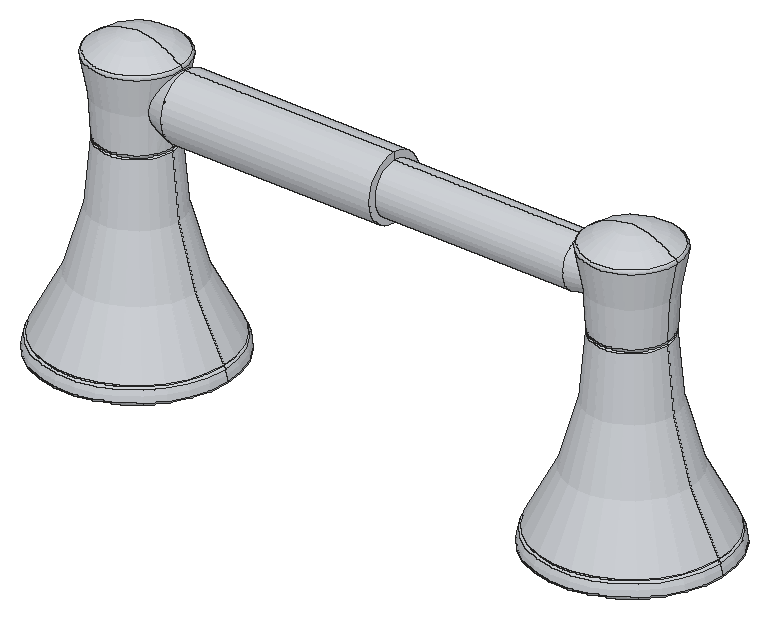
Revit family "Accessory-Tissue_Holder-KOHLER-Coralais-K-13434", category Generic Models, host Face, Revit 2015
Parameters (values of type "CP-Polished Chrome")
  Width = 2 1/4"  # constant formula
  URL = "http://www.us.kohler.com/us/"
  Type = 1
  Product Page URL = "http://www.us.kohler.com/us/catalog/productDetails.jsp?productNumber=13434"
  Product Name = "Coralais"  # constant formula
  Product Documentation Link = "http://www.us.kohler.com/onlinecatalog/pdf/K-13434_spec.pdf"
  Outlet Connector = "Outlet Connection"  # constant formula
  Model = if(Type = 1, "K-13434-CP", if(Type = 2, "K-13434-G", if(Type = 3, "K-13434-BN", "")))  # "K-13434-CP"
  Material = "Premium Metal"  # constant formula
  MasterFormat 2004 = "10.28.13"  # constant formula
  MasterFormat 1995 = "10820"  # constant formula
  Manufacturer Address = "444 Highland Drive, Kohler, WI 53044"  # constant formula
  Manufacturer = "Kohler"  # constant formula
  Length = 8 1/2"  # constant formula
  Inlet Connector = "Inlet Connection"  # constant formula
  Height = 3 5/8"  # constant formula
  Finish = Kohler-Metal-CP-Polished_Chrome
  Description = "Coralais Toilet Tissue Holder"  # constant formula
  Default Elevation = 42"
  Date Modified = "09/11/2017"  # constant formula
  Date Created = "09/11/2017"  # constant formula
  Copyright = "Copyright by Kohler Co."  # constant formula
  Contact Us = "https://www.us.kohler.com/us/static/contact.jsp"
  Assembly Code = "C1030200"
  ADA Compliant = yes
Types (4): name | Type | Model | Finish
  (no name) | 1 | "K-13434-CP" | Kohler-Metal-CP-Polished_Chrome
  CP-Polished Chrome | 1 | "K-13434-CP" | Kohler-Metal-CP-Polished_Chrome
  G-Brushed Chrome | 2 | "K-13434-G" | Kohler-Metal-G-Brushed_Chrome
  BN-Vibrant Brushed Nickel | 3 | "K-13434-BN" | Kohler-Metal-BN-Vibrant_Brushed_Nickel
Reference planes (in)
  plane 1 "Center (Front/Back)": y = 0
  plane 2: z = 0
  plane 3 "Center (Left/Right)": x = 0
  plane 4: y = 1.125
  plane 5: y = -1.125
  plane 6: x = -4.25
  plane 7: x = 4.25
  plane 8: z = 3.625
Dimensions and locks (in)
  "Width": plane 4 to plane 5
  equal spacing: plane 4, plane 1 "Center (Front/Back)", plane 5
  equal spacing: plane 6, plane 3 "Center (Left/Right)", plane 7
  "Length": plane 6 to plane 7
  "Height": plane 8 to level
  aligned and locked: plane 2 to host face
  aligned and locked: level to host face
Automatic sketch dimensions
  host sketch curve to host sketch curve = 96"  (x2)
Nested families (in)
  nested 1: "K-13434" at (0, 0, 0), type "K-13434"
Definition of nested family "K-13434"
  Parameters (values of type "K-13434")
    Material = none
    Half Distance = Center Distance / 2  # 3 1/8"
    Center Distance = 6 1/4"
  Reference planes (in)
    plane 1 "Center (Front/Back)": y = 0
    plane 2: z = 0
    plane 3 "Center (Left/Right)": x = 0
  Forms (in)
    Revolve 1, solid, material <- "Material"
      sketch origin (0, 0, 0) x (1, 0, 0) y (0, 0, 1)
        loop
          line (-3.125, 0) -> (-3.125, 3.59968)
          arc (-3.125, 3.59968) -> (-3.41793, 3.53546) -> (-3.67801, 3.38616) r 0.98617
          arc (-3.67801, 3.38616) -> (-3.69186, 3.36635) -> (-3.69274, 3.3422) r 0.0427
          arc (-3.69274, 3.3422) -> (-3.60655, 2.88907) -> (-3.57767, 2.42872) r 3.68357
          arc (-3.57767, 2.42872) -> (-3.56861, 2.40586) -> (-3.54633, 2.39543) r 0.03334
          arc (-3.54633, 2.39543) -> (-3.56405, 2.39236) -> (-3.57741, 2.38033) r 0.03248
          arc (-3.57741, 2.38033) -> (-3.74157, 1.24072) -> (-4.22071, 0.19378) r 4.03767
          line (-4.22071, 0.19378) -> (-4.17216, 0.17013) -> (-4.21508, 0.17013)
          arc (-4.21508, 0.17013) -> (-4.23163, 0.16525) -> (-4.24288, 0.15218) r 0.0305
          arc (-4.24288, 0.15218) -> (-4.26493, 0.08806) -> (-4.27482, 0.02098) r 0.36724
          arc (-4.27482, 0.02098) -> (-4.2694, 0.00621) -> (-4.25495, 0) r 0.0199
          line (-4.25495, 0) -> (-3.125, 0)
        axis (-3.125, 3.59968) -> (-3.125, 0)
      angle from 0 to 360
    Revolve 2, solid, material <- "Material"
      sketch origin (0, 0, 0) x (-1, 0, 0) y (0, 0, 1)
        loop
          line (-3.125, 0) -> (-3.125, 3.59968)
          arc (-3.125, 3.59968) -> (-3.41793, 3.53546) -> (-3.67801, 3.38616) r 0.98617
          arc (-3.67801, 3.38616) -> (-3.69186, 3.36635) -> (-3.69274, 3.3422) r 0.0427
          arc (-3.69274, 3.3422) -> (-3.60655, 2.88907) -> (-3.57767, 2.42872) r 3.68357
          arc (-3.57767, 2.42872) -> (-3.56861, 2.40586) -> (-3.54634, 2.39544) r 0.03334
          arc (-3.54634, 2.39544) -> (-3.56405, 2.39236) -> (-3.57741, 2.38033) r 0.03248
          arc (-3.57741, 2.38033) -> (-3.74157, 1.24072) -> (-4.22071, 0.19378) r 4.03767
          line (-4.22071, 0.19378) -> (-4.17216, 0.17013) -> (-4.21508, 0.17013)
          arc (-4.21508, 0.17013) -> (-4.23163, 0.16525) -> (-4.24288, 0.15218) r 0.0305
          arc (-4.24288, 0.15218) -> (-4.26493, 0.08806) -> (-4.27482, 0.02098) r 0.36724
          arc (-4.27482, 0.02098) -> (-4.2694, 0.00621) -> (-4.25495, 0) r 0.0199
          line (-4.25495, 0) -> (-3.125, 0)
        axis (-3.125, 3.59968) -> (-3.125, 0)
      angle from 0 to 360
    Revolve 3, solid, material <- "Material"
      sketch origin (0, 0, 0) x (1, 0, 0) y (0, 0, 1)
        loop
          line (0.125, 3.27245) -> (0.125, 3.35753) -> (-2.50149, 3.35753) -> (-3.125, 3.11866) -> (-3.125, 2.96022) -> (3.125, 2.96022) -> (3.125, 3.16234) -> (2.50056, 3.27245) -> (0.125, 3.27245)
        axis (-3.125, 2.96022) -> (3.125, 2.96022)
      angle from 0 to 360
  Cuts and joins
    joined: Revolve 1, Revolve 2, Revolve 3
  Lines and regions (in)
    Masking region 1
      outline origin (0, 0, 0) x (0, 1, 0) y (0, 0, 1)
        loop
          line (0, 0) -> (1.12995, 0)
          arc (1.12995, 0) -> (1.1444, 0.00621) -> (1.14982, 0.02098) r 0.0199
          arc (1.14982, 0.02098) -> (1.13993, 0.08806) -> (1.11788, 0.15218) r 0.36724
          arc (1.11788, 0.15218) -> (1.10663, 0.16525) -> (1.09008, 0.17013) r 0.0305
          line (1.09008, 0.17013) -> (1.04716, 0.17013) -> (1.09571, 0.19378)
          arc (1.09571, 0.19378) -> (0.61657, 1.24072) -> (0.45241, 2.38033) r 4.03767
          arc (0.45241, 2.38033) -> (0.43905, 2.39236) -> (0.42133, 2.39543) r 0.03248
          arc (0.42133, 2.39543) -> (0.44361, 2.40586) -> (0.45267, 2.42872) r 0.03334
          arc (0.45267, 2.42872) -> (0.48155, 2.88907) -> (0.56774, 3.3422) r 3.68357
          arc (0.56774, 3.3422) -> (0.56686, 3.36635) -> (0.55301, 3.38616) r 0.0427
          arc (0.55301, 3.38616) -> (0.29293, 3.53546) -> (0, 3.59968) r 0.98617
          arc (0, 3.59968) -> (-0.29293, 3.53546) -> (-0.55301, 3.38616) r 0.98617
          arc (-0.55301, 3.38616) -> (-0.56686, 3.36635) -> (-0.56774, 3.3422) r 0.0427
          arc (-0.56774, 3.3422) -> (-0.48155, 2.88907) -> (-0.45267, 2.42872) r 3.68357
          arc (-0.45267, 2.42872) -> (-0.44361, 2.40586) -> (-0.42133, 2.39543) r 0.03334
          arc (-0.42133, 2.39543) -> (-0.43905, 2.39236) -> (-0.45241, 2.38033) r 0.03248
          arc (-0.45241, 2.38033) -> (-0.61657, 1.24072) -> (-1.09571, 0.19378) r 4.03767
          line (-1.09571, 0.19378) -> (-1.04716, 0.17013) -> (-1.09008, 0.17013)
          arc (-1.09008, 0.17013) -> (-1.10663, 0.16525) -> (-1.11788, 0.15218) r 0.0305
          arc (-1.11788, 0.15218) -> (-1.13993, 0.08806) -> (-1.14982, 0.02098) r 0.36724
          arc (-1.14982, 0.02098) -> (-1.1444, 0.00621) -> (-1.12995, 0) r 0.0199
          line (-1.12995, 0) -> (0, 0)
    Masking region 2
      outline origin (0, 0, 0) x (1, 0, 0) y (0, 1, 0)
        loop
          arc (-2.04362, 0.3973) -> (-4.27705, 0) -> (-2.04362, -0.3973) r 1.15205
          line (-2.04362, -0.3973) -> (0.125, -0.3973) -> (0.125, -0.31248) -> (2.01614, -0.31248)
          arc (2.01614, -0.31248) -> (4.27705, 0) -> (2.01614, 0.31248) r 1.15205
          line (2.01614, 0.31248) -> (0.125, 0.31248) -> (0.125, 0.3973) -> (-2.04362, 0.3973)
    Masking region 3
      outline origin (0, 0, 0) x (1, 0, 0) y (0, 0, 1)
        loop
          line (-3.125, 0) -> (-1.99505, 0)
          arc (-1.99505, 0) -> (-1.9806, 0.00621) -> (-1.97518, 0.02098) r 0.0199
          arc (-1.97518, 0.02098) -> (-1.98507, 0.08806) -> (-2.00712, 0.15218) r 0.36724
          arc (-2.00712, 0.15218) -> (-2.01837, 0.16525) -> (-2.03492, 0.17013) r 0.0305
          line (-2.03492, 0.17013) -> (-2.07784, 0.17013) -> (-2.02929, 0.19378)
          arc (-2.02929, 0.19378) -> (-2.50843, 1.24072) -> (-2.67259, 2.38033) r 4.03767
          arc (-2.67259, 2.38033) -> (-2.68595, 2.39236) -> (-2.70367, 2.39543) r 0.03248
          arc (-2.70367, 2.39543) -> (-2.68139, 2.40586) -> (-2.67233, 2.42872) r 0.03334
          arc (-2.67233, 2.42872) -> (-2.67171, 2.49583) -> (-2.66988, 2.56292) r 3.68357
          line (-2.66988, 2.56292) -> (0.125, 2.56292) -> (0.125, 2.648) -> (2.66579, 2.648)
          arc (2.66579, 2.648) -> (2.67069, 2.53841) -> (2.67233, 2.42872) r 3.68357
          arc (2.67233, 2.42872) -> (2.68139, 2.40586) -> (2.70367, 2.39543) r 0.03334
          arc (2.70367, 2.39543) -> (2.68595, 2.39236) -> (2.67259, 2.38033) r 0.03248
          arc (2.67259, 2.38033) -> (2.50843, 1.24072) -> (2.02929, 0.19378) r 4.03767
          line (2.02929, 0.19378) -> (2.07784, 0.17013) -> (2.03492, 0.17013)
          arc (2.03492, 0.17013) -> (2.01837, 0.16525) -> (2.00712, 0.15218) r 0.0305
          arc (2.00712, 0.15218) -> (1.98507, 0.08806) -> (1.97518, 0.02098) r 0.36724
          arc (1.97518, 0.02098) -> (1.9806, 0.00621) -> (1.99505, 0) r 0.0199
          line (1.99505, 0) -> (3.125, 0) -> (4.25495, 0)
          arc (4.25495, 0) -> (4.2694, 0.00621) -> (4.27482, 0.02098) r 0.0199
          arc (4.27482, 0.02098) -> (4.26493, 0.08806) -> (4.24288, 0.15218) r 0.36724
          arc (4.24288, 0.15218) -> (4.23163, 0.16525) -> (4.21508, 0.17013) r 0.0305
          line (4.21508, 0.17013) -> (4.17216, 0.17013) -> (4.22071, 0.19378)
          arc (4.22071, 0.19378) -> (3.74157, 1.24072) -> (3.57741, 2.38033) r 4.03767
          arc (3.57741, 2.38033) -> (3.56405, 2.39236) -> (3.54633, 2.39543) r 0.03248
          arc (3.54633, 2.39543) -> (3.56861, 2.40586) -> (3.57767, 2.42872) r 0.03334
          arc (3.57767, 2.42872) -> (3.60655, 2.88907) -> (3.69274, 3.3422) r 3.68357
          arc (3.69274, 3.3422) -> (3.69186, 3.36635) -> (3.67801, 3.38616) r 0.0427
          arc (3.67801, 3.38616) -> (3.41793, 3.53546) -> (3.125, 3.59968) r 0.98617
          arc (3.125, 3.59968) -> (2.83207, 3.53546) -> (2.57199, 3.38616) r 0.98617
          arc (2.57199, 3.38616) -> (2.55814, 3.36635) -> (2.55726, 3.3422) r 0.0427
          arc (2.55726, 3.3422) -> (2.566, 3.30737) -> (2.57439, 3.27245) r 3.68357
          line (2.57439, 3.27245) -> (0.125, 3.27245) -> (0.125, 3.35753) -> (-2.55619, 3.35753)
          arc (-2.55619, 3.35753) -> (-2.56124, 3.37342) -> (-2.57199, 3.38616) r 0.0427
          arc (-2.57199, 3.38616) -> (-2.83207, 3.53546) -> (-3.125, 3.59968) r 0.98617
          arc (-3.125, 3.59968) -> (-3.41793, 3.53546) -> (-3.67801, 3.38616) r 0.98617
          arc (-3.67801, 3.38616) -> (-3.69186, 3.36635) -> (-3.69274, 3.3422) r 0.0427
          arc (-3.69274, 3.3422) -> (-3.60655, 2.88907) -> (-3.57767, 2.42872) r 3.68357
          arc (-3.57767, 2.42872) -> (-3.56861, 2.40586) -> (-3.54633, 2.39543) r 0.03334
          arc (-3.54633, 2.39543) -> (-3.56405, 2.39236) -> (-3.57741, 2.38033) r 0.03248
          arc (-3.57741, 2.38033) -> (-3.74157, 1.24072) -> (-4.22071, 0.19378) r 4.03767
          line (-4.22071, 0.19378) -> (-4.17216, 0.17013) -> (-4.21508, 0.17013)
          arc (-4.21508, 0.17013) -> (-4.23163, 0.16525) -> (-4.24288, 0.15218) r 0.0305
          arc (-4.24288, 0.15218) -> (-4.26493, 0.08806) -> (-4.27482, 0.02098) r 0.36724
          arc (-4.27482, 0.02098) -> (-4.2694, 0.00621) -> (-4.25495, 0) r 0.0199
          line (-4.25495, 0) -> (-3.125, 0)
    symbolic lines, detail levels medium+fine
      curve 1: line (-2.66988, 0, 2.56292) -> (-2.55619, 0, 3.35753)
      curve 2: line (2.57439, 0, 3.27245) -> (2.66579, 0, 2.648)
      curve 3: line (2.70367, 0, 2.39543) -> (3.54633, 0, 2.39543)
      curve 4: line (4.17216, 0, 0.17013) -> (2.07611, 0, 0.17013)
      curve 5: line (-2.70367, 0, 2.39543) -> (-3.54633, 0, 2.39543)
      curve 6: line (-4.21508, 0, 0.17013) -> (-2.03492, 0, 0.17013)
      curve 7: line (0, 0, 0.17013) -> (0, 1.09008, 0.17013)
      curve 8: line (0, -1.09008, 0.17013) -> (0, 0, 0.17013)
      curve 9: line (0, 0.42133, 2.39543) -> (0, -0.42133, 2.39543)
      curve 10: arc (-4.22071, 0, 0) -> (-3.32712, -1.07691, 0) -> (-2.10386, -0.3973, 0) r 1.09571
      curve 11: arc (4.22071, 0, 0) -> (3.28296, 1.08427, 0) -> (2.07483, 0.31262, 0) r 1.09571
      curve 12: arc (-2.10386, 0.3973, 0) -> (-3.32712, 1.07691, 0) -> (-4.22071, 0, 0) r 1.09571
      curve 13: arc (2.07482, -0.31257, 0) -> (3.28293, -1.08427, 0) -> (4.22071, 0, 0) r 1.09571
      curve 14: circle (-3.125, 0, 0) r 0.57437 normal (0, 0, 1)
      curve 15: circle (3.125, 0, 0) r 0.57035 normal (0, 0, 1)
      curve 16: line (1.31483, -0.31257, 0) -> (2.64792, -0.31257, 0)
      curve 17: line (1.35689, 0.31262, 0) -> (2.64795, 0.31262, 0)
      curve 18: line (-1.76855, 0.3973, 0) -> (-2.71022, 0.3973, 0)
      curve 19: line (-1.84278, -0.3973, 0) -> (-2.71022, -0.3973, 0)
      curve 20: line (0.125, 0, 2.648) -> (0.125, 0, 3.27245)
  Dimensions and locks (in)
    Revolve 3 sketch curve to plane 3 "Center (Left/Right)" = 3 1/8"
    "Half Distance": plane 3 "Center (Left/Right)" to Revolve 1 sketch curve
    "Half Distance": Revolve 2 sketch curve to plane 3 "Center (Left/Right)"
    "Half Distance": curve 10 to plane 3 "Center (Left/Right)"
    "Half Distance": plane 3 "Center (Left/Right)" to curve 13
    "Center Distance": Masking region 2 sketch curve to curve 15
    equal spacing: Masking region 2 sketch curve, plane 3 "Center (Left/Right)", Masking region 2 sketch curve
    aligned and locked: plane 2 to level
    aligned and locked: level to Masking region 3 sketch curve
  Automatic sketch dimensions
    Revolve 2 sketch curve to level = 0"  (x2)
    Revolve 2 sketch curve to level = 2.38033"
    Revolve 2 sketch curve to Revolve 2 sketch curve = 0.35383"
    Revolve 2 sketch curve to level = 0.0199"
    Revolve 2 sketch curve to Revolve 2 sketch curve = 3.0063"
    Revolve 2 sketch curve to level = 0.19378"
    Revolve 2 sketch curve to Revolve 2 sketch curve = 0.03423"
    Revolve 2 sketch curve to Revolve 2 sketch curve = 0.00564"
    Revolve 2 sketch curve to Revolve 2 sketch curve = 0.04292"
    Revolve 2 sketch curve to level = 0.00118"
    Revolve 2 sketch curve to Revolve 2 sketch curve = 0.26404"
    Revolve 2 sketch curve to Revolve 2 sketch curve = 0.07396"
    Revolve 2 sketch curve to Revolve 2 sketch curve = 0.02756"
    Revolve 2 sketch curve to Revolve 2 sketch curve = 0.03308"
    Revolve 2 sketch curve to Revolve 2 sketch curve = 0.78312"
    Revolve 2 sketch curve to Revolve 2 sketch curve = 0.48161"
    Revolve 2 sketch curve to Revolve 2 sketch curve = 0.05414"
    Revolve 2 sketch curve to Revolve 2 sketch curve = 0.02364"
    Revolve 2 sketch curve to Revolve 2 sketch curve = 0.01718"
    Revolve 2 sketch curve to Revolve 2 sketch curve = 0.04838"
    Revolve 2 sketch curve to Revolve 2 sketch curve = 0.18676"
    Revolve 2 sketch curve to Revolve 2 sketch curve = 0.92408"
    Revolve 2 sketch curve to Revolve 2 sketch curve = 0.24689"
    Revolve 2 sketch curve to Revolve 2 sketch curve = 0"  (x4)
    Revolve 2 sketch curve to Revolve 2 sketch curve = 0.04137"
    Revolve 2 sketch curve to Revolve 2 sketch curve = 0.89496"
    Revolve 1 sketch curve to level = 0"  (x2)
    Revolve 1 sketch curve to Revolve 1 sketch curve = 0.41933"
    Revolve 1 sketch curve to Revolve 1 sketch curve = 0.00552"
    Revolve 1 sketch curve to Revolve 1 sketch curve = 0.52637"
    level to Revolve 1 sketch curve = 0.00118"
    Revolve 1 sketch curve to Revolve 1 sketch curve = 0.78312"
    level to Revolve 1 sketch curve = 0.17013"
    Revolve 1 sketch curve to Revolve 1 sketch curve = 0.26404"
    Revolve 1 sketch curve to Revolve 1 sketch curve = 0.04292"
    level to Revolve 1 sketch curve = 0.19378"
    Revolve 1 sketch curve to Revolve 1 sketch curve = 0.00564"
    Revolve 1 sketch curve to Revolve 1 sketch curve = 0.03987"
    Revolve 1 sketch curve to Revolve 1 sketch curve = 3.71139"
    Revolve 1 sketch curve to Revolve 1 sketch curve = 0.35383"
    Revolve 1 sketch curve to Revolve 1 sketch curve = 0.48161"
    Revolve 1 sketch curve to Revolve 1 sketch curve = 0.0199"
    Revolve 1 sketch curve to Revolve 1 sketch curve = 0.0305"
    Revolve 1 sketch curve to Revolve 1 sketch curve = 2.16937"
    level to Revolve 1 sketch curve = 2.38033"
    Revolve 1 sketch curve to Revolve 1 sketch curve = 0.04838"
    Revolve 1 sketch curve to Revolve 1 sketch curve = 0.18676"
    Revolve 1 sketch curve to Revolve 1 sketch curve = 0.92408"
    Revolve 1 sketch curve to Revolve 1 sketch curve = 0.24689"
    Revolve 1 sketch curve to Revolve 1 sketch curve = 0.00352"
    Revolve 1 sketch curve to Revolve 1 sketch curve = 0"  (x4)
    Revolve 1 sketch curve to level = 0.89496"
    Masking region 1 sketch curve to level = 0"
    Masking region 1 sketch curve to plane 1 "Center (Front/Back)" = 0"  (x2)
    plane 1 "Center (Front/Back)" to Masking region 1 sketch curve = 0.06228"
    Masking region 1 sketch curve to Masking region 1 sketch curve = 0.35706"  (x2)
    Masking region 1 sketch curve to Masking region 1 sketch curve = 0.00552"  (x2)
    plane 1 "Center (Front/Back)" to Masking region 1 sketch curve = 0.52637"
    level to Masking region 1 sketch curve = 0.00118"  (x2)
    plane 1 "Center (Front/Back)" to Masking region 1 sketch curve = 0.78312"
    Masking region 1 sketch curve to Masking region 1 sketch curve = 0.26404"  (x2)
    Masking region 1 sketch curve to Masking region 1 sketch curve = 0.04292"  (x2)
    level to Masking region 1 sketch curve = 0.19378"  (x2)
    Masking region 1 sketch curve to Masking region 1 sketch curve = 0.00564"  (x2)
    level to Masking region 1 sketch curve = 0.0199"  (x2)
    Masking region 1 sketch curve to Masking region 1 sketch curve = 0.03987"  (x2)
    Masking region 1 sketch curve to Masking region 1 sketch curve = 3.71139"  (x2)
    Masking region 1 sketch curve to Masking region 1 sketch curve = 0.35383"  (x2)
    Masking region 1 sketch curve to plane 1 "Center (Front/Back)" = 0.06228"
    Masking region 1 sketch curve to plane 1 "Center (Front/Back)" = 0.52637"
    Masking region 1 sketch curve to plane 1 "Center (Front/Back)" = 0.78312"
    Masking region 1 sketch curve to Masking region 1 sketch curve = 0.05414"  (x2)
    Masking region 1 sketch curve to Masking region 1 sketch curve = 0.0305"  (x2)
    Masking region 1 sketch curve to Masking region 1 sketch curve = 2.16937"
    Masking region 1 sketch curve to Masking region 1 sketch curve = 0"  (x8)
    level to Masking region 1 sketch curve = 2.38033"  (x2)
    Masking region 1 sketch curve to Masking region 1 sketch curve = 0.04838"  (x2)
    Masking region 1 sketch curve to Masking region 1 sketch curve = 0.18676"
    Masking region 1 sketch curve to Masking region 1 sketch curve = 0.73732"  (x2)
    Masking region 1 sketch curve to Masking region 1 sketch curve = 0.00352"  (x2)
    Masking region 1 sketch curve to Masking region 1 sketch curve = 0.02664"
    curve 8 to plane 1 "Center (Front/Back)" = 0"
    level to curve 8 = 0.17013"
    plane 1 "Center (Front/Back)" to curve 9 = 0.42133"
    plane 1 "Center (Front/Back)" to curve 8 = 1.09008"
    curve 9 to plane 1 "Center (Front/Back)" = 0.42133"
    curve 7 to curve 7 = 1.09008"
    curve 7 to curve 9 = 2.2253"
    Revolve 3 sketch curve to plane 3 "Center (Left/Right)" = 3 1/8"
    Revolve 3 sketch curve to Revolve 3 sketch curve = 0.62351"
    plane 3 "Center (Left/Right)" to Revolve 3 sketch curve = 1/8"
    Revolve 3 sketch curve to Revolve 3 sketch curve = 3"
    level to Revolve 3 sketch curve = 2.96022"
    Revolve 3 sketch curve to Revolve 3 sketch curve = 0.15843"
    Revolve 3 sketch curve to Revolve 3 sketch curve = 0.20212"
    Revolve 3 sketch curve to Revolve 3 sketch curve = 0.23887"
    Revolve 3 sketch curve to Revolve 3 sketch curve = 0"  (x2)
    Revolve 3 sketch curve to Revolve 3 sketch curve = 2 1/2"
    Revolve 3 sketch curve to Revolve 3 sketch curve = 0.62444"
    Revolve 3 sketch curve to Revolve 3 sketch curve = 0.11011"
    plane 3 "Center (Left/Right)" to Masking region 2 sketch curve = 1/8"  (x2)
    Masking region 2 sketch curve to plane 1 "Center (Front/Back)" = 5/16"
    plane 1 "Center (Front/Back)" to Masking region 2 sketch curve = 0"  (x2)
    Masking region 2 sketch curve to Masking region 2 sketch curve = 1.10886"
    Masking region 2 sketch curve to Masking region 2 sketch curve = 0"  (x2)
    Masking region 2 sketch curve to Masking region 2 sketch curve = 1.08138"
    Masking region 2 sketch curve to plane 1 "Center (Front/Back)" = 0.3973"
    curve 10 to curve 12 = 0"
    curve 10 to curve 14 = 0"
    curve 11 to curve 13 = 0"
    curve 11 to curve 15 = 0"  (x2)
    curve 12 to curve 14 = 0"
    plane 1 "Center (Front/Back)" to curve 10 = 0"
    plane 1 "Center (Front/Back)" to curve 13 = 0"
    curve 12 to curve 10 = 1.09571"
    curve 10 to curve 18 = 0.41478"
    plane 1 "Center (Front/Back)" to curve 10 = 0.3973"
    curve 12 to plane 1 "Center (Front/Back)" = 0.3973"
    curve 10 to curve 19 = 0.26108"
    curve 12 to curve 18 = 0.33531"
    plane 1 "Center (Front/Back)" to curve 16 = 0.31257"
    plane 3 "Center (Left/Right)" to curve 16 = 1.31483"
    curve 17 to plane 1 "Center (Front/Back)" = 0.31262"
    curve 16 to curve 17 = 0.04206"
    curve 16 to curve 13 = 0.75999"
    curve 16 to curve 11 = 0.47708"
    Masking region 3 sketch curve to Masking region 3 sketch curve = 0"  (x22)
    Masking region 3 sketch curve to level = 0"
    level to Masking region 3 sketch curve = 2.38033"  (x2)
    Masking region 3 sketch curve to Masking region 3 sketch curve = 0.35383"  (x3)
    level to Masking region 3 sketch curve = 0.19378"  (x4)
    Masking region 3 sketch curve to Masking region 3 sketch curve = 0.03423"  (x2)
    Masking region 3 sketch curve to Masking region 3 sketch curve = 0.00564"  (x4)
    level to Masking region 3 sketch curve = 0.17013"  (x2)
    Masking region 3 sketch curve to Masking region 3 sketch curve = 0.04292"  (x4)
    level to Masking region 3 sketch curve = 0.00118"  (x4)
    Masking region 3 sketch curve to Masking region 3 sketch curve = 0.26404"  (x4)
    Masking region 3 sketch curve to Masking region 3 sketch curve = 0.07396"
    Masking region 3 sketch curve to Masking region 3 sketch curve = 0.02756"
    Masking region 3 sketch curve to Masking region 3 sketch curve = 0.03308"
    Masking region 3 sketch curve to Masking region 3 sketch curve = 0.35706"  (x3)
    Masking region 3 sketch curve to Masking region 3 sketch curve = 0.78312"  (x4)
    Masking region 3 sketch curve to Masking region 3 sketch curve = 0.12455"  (x2)
    Masking region 3 sketch curve to Masking region 3 sketch curve = 0.00552"  (x3)
    Masking region 3 sketch curve to Masking region 3 sketch curve = 0.4641"  (x2)
    Masking region 3 sketch curve to Masking region 3 sketch curve = 0.03987"  (x2)
    Masking region 3 sketch curve to Masking region 3 sketch curve = 1.33507"
    plane 3 "Center (Left/Right)" to Masking region 3 sketch curve = 1/8"  (x2)
    Masking region 3 sketch curve to Masking region 3 sketch curve = 0.88625"
    plane 3 "Center (Left/Right)" to Masking region 3 sketch curve = 1.99505"
    Masking region 3 sketch curve to Masking region 3 sketch curve = 1.20932"
    Masking region 3 sketch curve to Masking region 3 sketch curve = 0.02423"
    Masking region 3 sketch curve to Masking region 3 sketch curve = 0.0914"
    Masking region 3 sketch curve to Masking region 3 sketch curve = 0.03435"
    Masking region 3 sketch curve to Masking region 3 sketch curve = 0.39693"
    Masking region 3 sketch curve to Masking region 3 sketch curve = 3.71139"
    Masking region 3 sketch curve to Masking region 3 sketch curve = 0.0199"  (x4)
    Masking region 3 sketch curve to Masking region 3 sketch curve = 0.0305"  (x3)
    Masking region 3 sketch curve to Masking region 3 sketch curve = 0.05414"  (x2)
    Masking region 3 sketch curve to Masking region 3 sketch curve = 0.02364"
    Masking region 3 sketch curve to Masking region 3 sketch curve = 0.01718"  (x2)
    Masking region 3 sketch curve to Masking region 3 sketch curve = 2.16937"
    Masking region 3 sketch curve to Masking region 3 sketch curve = 0.04838"  (x4)
    Masking region 3 sketch curve to Masking region 3 sketch curve = 0.05256"
    Masking region 3 sketch curve to Masking region 3 sketch curve = 0.18676"
    Masking region 3 sketch curve to Masking region 3 sketch curve = 0.21928"
    Masking region 3 sketch curve to Masking region 3 sketch curve = 0.08034"
    Masking region 3 sketch curve to Masking region 3 sketch curve = 0.73732"  (x2)
    Masking region 3 sketch curve to Masking region 3 sketch curve = 0.04137"
    Masking region 3 sketch curve to Masking region 3 sketch curve = 0.52637"  (x2)
    Masking region 3 sketch curve to Masking region 3 sketch curve = 0.00352"  (x2)
    Masking region 3 sketch curve to Masking region 3 sketch curve = 0.62445"
    Masking region 3 sketch curve to Masking region 3 sketch curve = 0.08508"
    Masking region 3 sketch curve to Masking region 3 sketch curve = 0.00474"
    Masking region 3 sketch curve to Masking region 3 sketch curve = 0.00245"
    Masking region 3 sketch curve to plane 3 "Center (Left/Right)" = 1.01125"
    Masking region 3 sketch curve to plane 3 "Center (Left/Right)" = 1.99505"
    Masking region 3 sketch curve to Masking region 3 sketch curve = 0.04244"
    level to curve 6 = 0.17013"
    curve 6 to plane 3 "Center (Left/Right)" = 4.21508"
    curve 6 to curve 5 = 0.66874"
    curve 5 to curve 5 = 0.84267"
    curve 5 to curve 1 = 0.03379"
    curve 1 to curve 1 = 0.11369"
    curve 6 to plane 3 "Center (Left/Right)" = 2.03492"
    plane 3 "Center (Left/Right)" to curve 20 = 1/8"
    level to curve 4 = 0.17013"
    plane 3 "Center (Left/Right)" to curve 4 = 2.07611"
    curve 20 to curve 2 = 2.44939"
    curve 2 to curve 2 = 0.0914"
    curve 2 to curve 3 = 0.03787"
    curve 3 to curve 3 = 0.84267"
    curve 4 to curve 4 = 2.09605"
    curve 4 to curve 3 = 2.2253"
    curve 6 to curve 5 = 2.2253"
    curve 5 to curve 1 = 0.16748"
    curve 3 to curve 20 = 0.25256"
    curve 3 to curve 2 = 0.25256"
    curve 20 to curve 20 = 0.62445"
    curve 2 to curve 2 = 0.62445"
    curve 1 to curve 1 = 0.79461"
